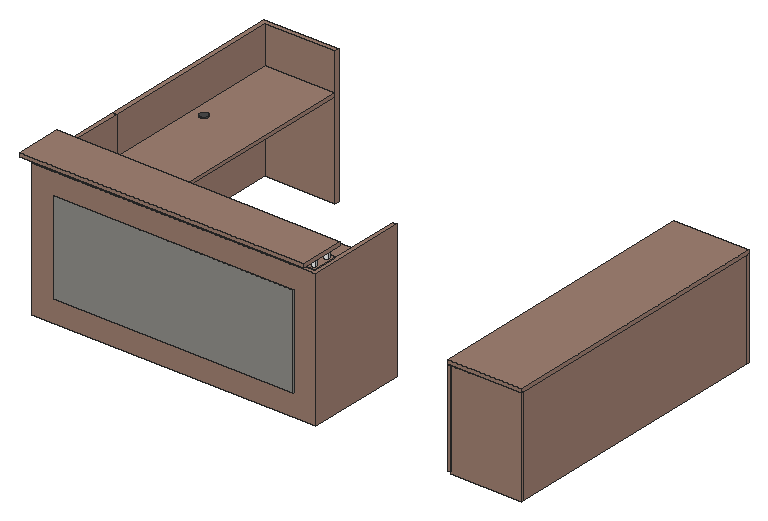
Revit family "T100017", category Furniture, Revit 2022
Family settings
  OmniClass Number = 23.40.20.00
  OmniClass Title = General Furniture and Specialties
  Work Plane-Based = No
  Always vertical = Yes
  Cut with Voids When Loaded = No
  Render Appearance Source = Family Geometry
  Shared = No
  Room Calculation Point = No
Parameters
  Default Elevation = 0' - 0"
Reference planes (in)
  plane 1 "Center Front/Back": y = 0
  plane 2: z = 0
  plane 3 "Center Left/Right": x = 0
Dimensions and locks (in)
  aligned and locked: level to plane 2
Nested families (in)
  nested 1: "OFS ELEMENT 4 DOOR CREDENZA" at (81.5, 18.16253, 0) x (0, -1, 0) z (0, 0, 1), type "ELEMENT 4 DOOR CREDENZA 84in Width"
  nested 2: "OFS ELEMENT L DESK LEFT AND RIGHT 84in Width 60in Return" at (-20, -13, 0) x (-1, 0, 0) z (0, 0, 1), type "ELEMENT L DESK RIGHT RETURN 84in"
    with Desk Overlay Option yes
Definition of nested family "OFS ELEMENT 4 DOOR CREDENZA"
  Parameters (values of type "ELEMENT 4 DOOR CREDENZA 84in Width")
    Worksurface Material = none
    Width = 7' - 0"
    URL = "http://ofsbrands.com"
    Top Thickness = 0' - 1 1/4"
    Lateral Boads Thickness = 0' - 0 5/8"
    Frontboard Thickness = 0' - 0 3/4"
    Frontboard Space = 0' - 0 1/4"
    Drawer Handles Material = none
    Drawer Handle Width = 0' - 5 7/16"
    Drawer Handle Depth = 0' - 1"
    Door Gap = 0' - 0 1/8"
    Depth = 1' - 10"
    Model = "EL-8422DCR"
    Manufacturer = "OFS"
    Height = 2' - 6"
    Description = "OFS BRANDS OFS ELEMENT 4 DOOR CREDENZA, 84\" Width, Four Locking Doors, Two Adjustable Shelf"
    Default Elevation = 0' - 0"
    Copyright © = "© OFS BRANDS 2018"
    Chasis Material = none
    Catalog = "http://ofs.com/products/casegoods/reception/element"
    Bottomboard Thickness = 0' - 0 15/16"
    Bottom Board Offset = 0' - 0 9/16"
    Backboard Thickness = 0' - 0 15/16"
    Authoring Version = "Autodesk Revit Architecture 2013"
    Assembly Code = "E2020200"
  Types (3): name | Width | Model | Description
    (no name) | 7' - 0" | "EL-8422DCR" | "OFS BRANDS OFS ELEMENT 4 DOOR CREDENZA, 84\" Width, Four Locking Doors, Two Adjustable Shelf"
    ELEMENT 4 DOOR CREDENZA 72in Width | 6' - 0" | "EL-7222DCR" | "OFS BRANDS OFS ELEMENT 4 DOOR CREDENZA, 72\" Width, Four Locking Doors, Two Adjustable Shelf"
    ELEMENT 4 DOOR CREDENZA 84in Width | 7' - 0" | "EL-8422DCR" | "OFS BRANDS OFS ELEMENT 4 DOOR CREDENZA, 84\" Width, Four Locking Doors, Two Adjustable Shelf"
  Reference planes (in)
    plane 1 "Center Front/Back": y = 0
    plane 2: z = 0
    plane 3 "Center Left/Right": x = 0
    plane 4 "Left End": x = -42
    plane 5 "Front End": y = -22
    plane 6 "Right End": x = 42
    plane 7 "Height Top": z = 30
    plane 8: z = 0.5625
    plane 9: y = -0.9375
    plane 10: y = -21.75
    plane 11: x = 41.375
    plane 12: x = -41.375
    plane 13: y = -21
    plane 14: z = 1.5
    plane 15: z = 28.75
    plane 16: x = -0.0625
    plane 17: x = 0.0625
    plane 18: x = 21
    plane 19: x = -21
    plane 20: y = -22.75
    plane 21: y = -22.31418
    plane 22: y = -22.5
    plane 23: z = 27.75
    plane 24: z = 27.25
    plane 25: x = 20.9375
    plane 26: x = 21.0625
    plane 27: x = 31.5
    plane 28: x = 10.5
    plane 29: x = 28.78125
    plane 30: x = 34.21875
    plane 31: x = 29.03125
    plane 32: x = 33.96875
    plane 33: x = 7.78125
    plane 34: x = 13.21875
    plane 35: x = 8.03125
    plane 36: x = 12.96875
    plane 37: x = -21.0625
    plane 38: x = -20.9375
    plane 39: x = -10.5
    plane 40: x = -31.5
    plane 41: x = -13.21875
    plane 42: x = -7.78125
    plane 43: x = -12.96875
    plane 44: x = -8.03125
    plane 45: x = -34.21875
    plane 46: x = -28.78125
    plane 47: x = -33.96875
    plane 48: x = -29.03125
  Forms (in)
    Extrusion 1, solid, material <- "Chasis Material"
      sketch origin (0, 0, 0) x (1, 0, 0) y (0, 1, 0)
        loop
          line (-41.375, 0) -> (-41.375, -0.9375) -> (41.375, -0.9375) -> (41.375, 0) -> (-41.375, 0)
      from 0 to 28.75
    Extrusion 2, solid, material <- "Chasis Material"
      sketch origin (-3.125, -5.41266, 0) x (1, 0, 0) y (0, 1, 0)
        loop
          line (-38.875, 5.41266) -> (-38.875, -15.58734) -> (-38.25, -15.58734) -> (-38.25, 5.41266) -> (-38.875, 5.41266)
      from 0 to 28.75
    Extrusion 3, solid, material <- "Chasis Material"
      sketch origin (37.875, -5.41266, 0) x (1, 0, 0) y (0, 1, 0)
        loop
          line (3.5, 5.41266) -> (3.5, -15.58734) -> (4.125, -15.58734) -> (4.125, 5.41266) -> (3.5, 5.41266)
      from 0 to 28.75
    Extrusion 4, solid, material <- "Chasis Material"
      sketch origin (-5.10739, -10.02382, 0) x (1, 0, 0) y (0, 1, 0)
        loop
          line (-36.89261, -10.97618) -> (-36.89261, -11.72618) -> (-15.95511, -11.72618) -> (-15.95511, -10.97618) -> (-36.89261, -10.97618)
      from 0.5625 to 28.75
    Extrusion 5, solid, material <- "Chasis Material"
      sketch origin (14.89261, -10.02382, 0) x (1, 0, 0) y (0, 1, 0)
        loop
          line (6.16989, -10.97618) -> (6.16989, -11.72618) -> (27.10739, -11.72618) -> (27.10739, -10.97618) -> (6.16989, -10.97618)
      from 0.5625 to 28.75
    Extrusion 6, solid, material <- "Chasis Material"
      sketch origin (0, 0, 0) x (1, 0, 0) y (0, 1, 0)
        loop
          line (-41.375, -0.9375) -> (-41.375, -21) -> (41.375, -21) -> (41.375, -0.9375) -> (-41.375, -0.9375)
      from 0.5625 to 1.5
    Extrusion 7, solid, material <- "Worksurface Material"
      sketch origin (0, 0, 0) x (1, 0, 0) y (0, 1, 0)
        loop
          line (-42, 0) -> (-42, -22) -> (42, -22) -> (42, 0) -> (-42, 0)
      from 28.75 to 30
    Extrusion 8, solid, material <- "Drawer Handles Material"
      sketch origin (45, 0, 0) x (1, 0, 0) y (0, 1, 0)
        loop
          line (-16.21875, -21.75) -> (-16.21875, -22.75) -> (-10.78125, -22.75) -> (-10.78125, -21.75) -> (-11.03125, -21.75) -> (-11.03125, -22.5) -> (-15.96875, -22.5) -> (-15.96875, -21.75) -> (-16.21875, -21.75)
      from 27.25 to 27.75
    Extrusion 9, solid, material <- "Drawer Handles Material"
      sketch origin (27, 0, 0) x (1, 0, 0) y (0, 1, 0)
        loop
          line (-19.21875, -21.75) -> (-19.21875, -22.75) -> (-13.78125, -22.75) -> (-13.78125, -21.75) -> (-14.03125, -21.75) -> (-14.03125, -22.5) -> (-18.96875, -22.5) -> (-18.96875, -21.75) -> (-19.21875, -21.75)
      from 27.25 to 27.75
    Extrusion 10, solid, material <- "Drawer Handles Material"
      sketch origin (9, 0, 0) x (1, 0, 0) y (0, 1, 0)
        loop
          line (-22.21875, -21.75) -> (-22.21875, -22.75) -> (-16.78125, -22.75) -> (-16.78125, -21.75) -> (-17.03125, -21.75) -> (-17.03125, -22.5) -> (-21.96875, -22.5) -> (-21.96875, -21.75) -> (-22.21875, -21.75)
      from 27.25 to 27.75
    Extrusion 11, solid, material <- "Drawer Handles Material"
      sketch origin (-9, 0, 0) x (1, 0, 0) y (0, 1, 0)
        loop
          line (-25.21875, -21.75) -> (-25.21875, -22.75) -> (-19.78125, -22.75) -> (-19.78125, -21.75) -> (-20.03125, -21.75) -> (-20.03125, -22.5) -> (-24.96875, -22.5) -> (-24.96875, -21.75) -> (-25.21875, -21.75)
      from 27.25 to 27.75
    Extrusion 12, solid, material <- "Chasis Material"
      sketch origin (21.10739, -10.02382, 0) x (-1, 0, 0) y (0, -1, 0)
        loop
          line (0.16989, 10.97618) -> (21.04489, 10.97618) -> (21.04489, 11.72618) -> (0.16989, 11.72618) -> (0.16989, 10.97618)
      from 0.5625 to 28.75
    Extrusion 13, solid, material <- "Chasis Material"
      sketch origin (-21.10739, -10.02382, 0) x (1, 0, 0) y (0, 1, 0)
        loop
          line (0.16989, -10.97618) -> (0.16989, -11.72618) -> (21.04489, -11.72618) -> (21.04489, -10.97618) -> (0.16989, -10.97618)
      from 0.5625 to 28.75
    Blend 14, solid, material <- "Drawer Handles Material"
      base sketch origin (-30, 0, 0) x (1, 0, 0) y (0, 0, 1)
        loop
          circle (51.8743, 26.01563) r 0.31101
      top sketch origin (-30, 0, 0) x (1, 0, 0) y (0, 0, 1)
        loop
          circle (51.8743, 26.01563) r 0.25
      from 21.75 to 22
    Blend 15, solid, material <- "Drawer Handles Material"
      base sketch origin (-75, 0, 0) x (1, 0, 0) y (0, 0, 1)
        loop
          circle (54.8743, 26.01562) r 0.31101
      top sketch origin (-75, 0, 0) x (1, 0, 0) y (0, 0, 1)
        loop
          circle (54.8743, 26.01562) r 0.25
      from 21.75 to 22
  Dimensions and locks (in)
    "Height": plane 7 "Height Top" to level
    "Bottom Board Offset": plane 8 to level
    "Depth": plane 5 "Front End" to plane 1 "Center Front/Back"
    equal spacing: plane 4 "Left End", plane 3 "Center Left/Right", plane 6 "Right End"
    "Width": plane 4 "Left End" to plane 6 "Right End"
    "Backboard Thickness": plane 9 to plane 1 "Center Front/Back"
    "Frontboard Space": plane 10 to plane 5 "Front End"
    "Lateral Boads Thickness": plane 4 "Left End" to plane 12
    "Lateral Boads Thickness": plane 11 to plane 6 "Right End"
    "Frontboard Thickness": plane 13 to plane 10
    "Bottomboard Thickness": plane 14 to plane 8
    "Top Thickness": plane 7 "Height Top" to plane 15
    equal spacing: plane 16, plane 3 "Center Left/Right", plane 17
    "Door Gap": plane 16 to plane 17
    equal spacing: plane 3 "Center Left/Right", plane 18, plane 6 "Right End"
    equal spacing: plane 3 "Center Left/Right", plane 19, plane 4 "Left End"
    "Drawer Handle Depth": plane 10 to plane 20
    locked: plane 15 to plane 23 at 1
    locked: plane 23 to plane 24 at 0.5
    equal spacing: plane 25, plane 18, plane 26
    "Door Gap": plane 25 to plane 26
    equal spacing: plane 18, plane 27, plane 6 "Right End"
    equal spacing: plane 3 "Center Left/Right", plane 28, plane 18
    equal spacing: plane 29, plane 27, plane 30
    "Drawer Handle Width": plane 29 to plane 30
    locked: plane 29 to plane 31 at 0.25
    locked: plane 30 to plane 32 at 0.25
    equal spacing: plane 33, plane 28, plane 34
    "Drawer Handle Width": plane 33 to plane 34
    locked: plane 33 to plane 35 at 0.25
    locked: plane 34 to plane 36 at 0.25
    equal spacing: plane 37, plane 19, plane 38
    "Door Gap": plane 37 to plane 38
    equal spacing: plane 19, plane 39, plane 3 "Center Left/Right"
    equal spacing: plane 4 "Left End", plane 40, plane 19
    equal spacing: plane 41, plane 39, plane 42
    "Drawer Handle Width": plane 41 to plane 42
    locked: plane 41 to plane 43 at 0.25
    locked: plane 42 to plane 44 at 0.25
    equal spacing: plane 45, plane 40, plane 46
    "Drawer Handle Width": plane 45 to plane 46
    locked: plane 45 to plane 47 at 0.25
    locked: plane 46 to plane 48 at 0.25
    aligned and locked: level to plane 2
    aligned and locked: plane 1 "Center Front/Back" to Extrusion 1 sketch curve
    aligned and locked: Extrusion 1 sketch curve to plane 9
    aligned and locked: Extrusion 2 to plane 4 "Left End"
    aligned and locked: Extrusion 2 to plane 12
    aligned and locked: Extrusion 2 to plane 1 "Center Front/Back"
    aligned and locked: Extrusion 1 to plane 11
    aligned and locked: Extrusion 2 to plane 13
    aligned and locked: Extrusion 3 to plane 1 "Center Front/Back"
    aligned and locked: plane 13 to Extrusion 3
    aligned and locked: plane 11 to Extrusion 3
    aligned and locked: Extrusion 3 to plane 6 "Right End"
    aligned and locked: Extrusion 4 to plane 10
    aligned and locked: plane 13 to Extrusion 4
    aligned and locked: Extrusion 4 to plane 4 "Left End"
    aligned and locked: Extrusion 5 to plane 13
    aligned and locked: plane 10 to Extrusion 5
    aligned and locked: Extrusion 5 to plane 6 "Right End"
    aligned and locked: plane 15 to Extrusion 4
    aligned and locked: Extrusion 5 to plane 15
    aligned and locked: Extrusion 1 to plane 15
    aligned and locked: plane 15 to Extrusion 2
    aligned and locked: Extrusion 3 to plane 15
    aligned and locked: Extrusion 4 to plane 8
    aligned and locked: plane 8 to Extrusion 5
    aligned and locked: Extrusion 1 to level
    aligned and locked: Extrusion 3 to level
    aligned and locked: Extrusion 2 to level
    aligned and locked: Extrusion 6 sketch curve to plane 9
    aligned and locked: Extrusion 6 sketch curve to plane 12
    aligned and locked: plane 11 to Extrusion 6 sketch curve
    aligned and locked: Extrusion 6 sketch curve to plane 13
    aligned and locked: plane 4 "Left End" to Extrusion 7 sketch curve
    aligned and locked: plane 6 "Right End" to Extrusion 7 sketch curve
    aligned and locked: plane 1 "Center Front/Back" to Extrusion 7 sketch curve
    aligned and locked: Extrusion 7 sketch curve to plane 5 "Front End"
    aligned and locked: Extrusion 7 to plane 7 "Height Top"
    aligned and locked: Extrusion 7 to plane 15
    aligned and locked: Extrusion 6 to plane 8
    aligned and locked: Extrusion 6 to plane 14
    aligned and locked: Extrusion 8 sketch curve to plane 29
    aligned and locked: Extrusion 8 sketch curve to plane 30
    aligned and locked: plane 32 to Extrusion 8 sketch curve
    aligned and locked: Extrusion 9 sketch curve to plane 33
    aligned and locked: Extrusion 9 sketch curve to plane 34
    aligned and locked: plane 36 to Extrusion 9 sketch curve
    aligned and locked: Extrusion 10 sketch curve to plane 41
    aligned and locked: Extrusion 10 sketch curve to plane 42
    aligned and locked: plane 44 to Extrusion 10 sketch curve
    aligned and locked: Extrusion 11 sketch curve to plane 45
    aligned and locked: Extrusion 11 sketch curve to plane 46
    aligned and locked: plane 48 to Extrusion 11 sketch curve
    aligned and locked: Extrusion 4 to plane 37
    aligned and locked: Extrusion 5 to plane 26
    aligned and locked: Extrusion 12 to plane 25
    aligned and locked: Extrusion 12 to plane 17
    aligned and locked: Extrusion 13 to plane 16
    aligned and locked: Extrusion 13 to plane 38
  Automatic sketch dimensions
    Extrusion 1 sketch curve to plane 12 = 0' - 0"
    Extrusion 1 sketch curve to plane 11 = 0' - 0"
    Extrusion 2 sketch curve to plane 4 "Left End" = 0' - 0"
    Extrusion 2 sketch curve to plane 12 = 0' - 0"
    Extrusion 2 sketch curve to plane 13 = 0' - 0"
    plane 1 "Center Front/Back" to Extrusion 2 sketch curve = 0' - 0"
    Extrusion 3 sketch curve to plane 11 = 0' - 0"
    Extrusion 3 sketch curve to plane 6 "Right End" = 0' - 0"
    plane 13 to Extrusion 3 sketch curve = 0' - 0"
    plane 1 "Center Front/Back" to Extrusion 3 sketch curve = 0' - 0"
    Extrusion 4 sketch curve to plane 4 "Left End" = 0' - 0"
    Extrusion 4 sketch curve to plane 10 = 0' - 0"
    Extrusion 4 sketch curve to plane 37 = 0' - 0"
    Extrusion 4 sketch curve to plane 13 = 0' - 0"
    plane 10 to Extrusion 5 sketch curve = 0' - 0"
    Extrusion 5 sketch curve to plane 26 = 0' - 0"
    Extrusion 5 sketch curve to plane 6 "Right End" = 0' - 0"
    plane 13 to Extrusion 5 sketch curve = 0' - 0"
    plane 10 to Extrusion 8 sketch curve = 0' - 0"  (x2)
    Extrusion 8 sketch curve to plane 31 = 0' - 0"
    plane 20 to Extrusion 8 sketch curve = 0' - 0"
    plane 22 to Extrusion 8 sketch curve = 0' - 0"
    Extrusion 9 sketch curve to plane 10 = 0' - 0"  (x2)
    Extrusion 9 sketch curve to plane 35 = 0' - 0"
    Extrusion 9 sketch curve to plane 20 = 0' - 0"
    plane 22 to Extrusion 9 sketch curve = 0' - 0"
    Extrusion 10 sketch curve to plane 10 = 0' - 0"  (x2)
    Extrusion 10 sketch curve to plane 43 = 0' - 0"
    Extrusion 10 sketch curve to plane 20 = 0' - 0"
    Extrusion 10 sketch curve to plane 22 = 0' - 0"
    Extrusion 11 sketch curve to plane 10 = 0' - 0"  (x2)
    Extrusion 11 sketch curve to plane 47 = 0' - 0"
    Extrusion 11 sketch curve to plane 20 = 0' - 0"
    Extrusion 11 sketch curve to plane 22 = 0' - 0"
    plane 10 to Extrusion 12 sketch curve = 0' - 0"
    Extrusion 12 sketch curve to plane 25 = 0' - 0"
    Extrusion 12 sketch curve to plane 17 = 0' - 0"
    plane 13 to Extrusion 12 sketch curve = 0' - 0"
    Extrusion 13 sketch curve to plane 10 = 0' - 0"
    Extrusion 13 sketch curve to plane 38 = 0' - 0"
    Extrusion 13 sketch curve to plane 16 = 0' - 0"
    Extrusion 13 sketch curve to plane 13 = 0' - 0"
    plane 26 to Blend 14 sketch curve = 0' - 0.8118"  (x2)
    Blend 14 sketch curve to plane 24 = 0' - 1 15/64"  (x2)
    plane 38 to Blend 15 sketch curve = 0' - 0.8118"  (x2)
    Blend 15 sketch curve to plane 24 = 0' - 1 15/64"  (x2)
    radius of Blend 14 sketch curve = 0' - 0.31101"
    radius of Blend 14 sketch curve = 0' - 0 1/4"
    radius of Blend 15 sketch curve = 0' - 0.31101"
    radius of Blend 15 sketch curve = 0' - 0 1/4"
Definition of nested family "OFS ELEMENT L DESK LEFT AND RIGHT 84in Width 60in Return"
  Parameters (values of type "ELEMENT L DESK RIGHT RETURN 84in")
    Worksurface Material = none
    Width = 7' - 0"
    URL = "http://www.ofsbrands.com/"
    Transaction Shelf Material = none
    Table Supp from Lateral = 0' - 2 5/8"
    Table Supp from Center = 1' - 1 1/8"
    Table Depth = 1' - 1 1/2"
    Right Return Desk Option = yes
    Return Worksurface Width = 1' - 10"
    Model = "EL-T84RL60"
    Manufacturer = "OFS"
    Left Return Desk Option = no
    Lateral Board Thickness = 0' - 1 3/16"
    Height = 3' - 9"
    Standoffs Material = none
    Groomet Material = none
    Desk Overlay Thickness = 0' - 0 1/8"
    Desk Overlay Option [instance] = yes
    Desk Overlay Material = none
    Desk Overlay = 0' - 6 1/2"
    Description = "OFS BRANDS OFS ELEMENT L DESK RIGHT RETURN 84\" Width, 72\"W x 34.3125\"D DESK, 60\"W x 22\"D RETURN"
    Desk Depth = 2' - 10 5/16"
    Depth = 7' - 6 5/16"
    Default Elevation = 0' - 0"
    Copyright © = "© 2018 OFS BRANDS"
    Catalog = "http://ofs.com/products/casegoods/reception/element"
    Bottom Board Offset = 0' - 0"
    Chassis Material = none
    Base Depth = 2' - 6"
    Back Board Thickness = 0' - 1 3/16"
    Authoring Version = "Autodesk Revit Architecture 2013"
    Assembly Code = "E2020200"
  Types (3): name | Right Return Desk Option | Model | Left Return Desk Option | Description | Depth
    (no name) | yes | "EL-T84RL60" | no | "OFS BRANDS OFS ELEMENT L DESK RIGHT RETURN 84\" Width, 72\"W x 34.3125\"D DESK, 60\"W x 22\"D RETURN" | 7' - 6 5/16"
    ELEMENT L DESK RIGHT RETURN 84in | yes | "EL-T84RL60" | no | "OFS BRANDS OFS ELEMENT L DESK RIGHT RETURN 84\" Width, 72\"W x 34.3125\"D DESK, 60\"W x 22\"D RETURN" | 7' - 6 5/16"
    ELEMENT L DESK LEFT RETURN 84in | no | "EL-T84LL60" | yes | "OFS BRANDS OFS ELEMENT L DESK LEFT RETURN 84\" Width, 72\"W x 34.3125\"D DESK, 60\"W x 22\"D RETURN" | 7' - 10 5/16"
  Reference planes (in)
    plane 1 "Center Front/Back": y = 0
    plane 2: z = 0
    plane 3 "Center Left/Right": x = 0
    plane 4 "Back External": y = 17.15625
    plane 5 "Right External": x = 42
    plane 6 "Front External": y = -17.15625
    plane 7 "Left External": x = -42
    plane 8 "Seat Height": z = 29.5
    plane 9 "Height": z = 45
    plane 10: x = 40.8125
    plane 11: x = -40.8125
    plane 12: y = 12.84375
    plane 13: y = 11.65625
    plane 14: y = 3.65625
    plane 15: z = 40.5
    plane 16: z = 28.5
    plane 17: z = 43.875
    plane 18: z = 39.375
    plane 19: z = 0
    plane 20: x = -39.375
    plane 21: x = -13.125
    plane 22: x = 39.375
    plane 23: x = 13.125
    plane 24: x = 35.5
    plane 25: x = -35.5
    plane 26: z = 6.5
    plane 27: z = 34
    plane 28: y = 12.96875
    plane 29: y = -73.15625
    plane 30: x = -20
    plane 31: x = 20
    plane 32: y = -71.96875
    plane 33: x = -37
    plane 34: x = 37
    plane 35: y = -44.5625
  Forms (in)
    Extrusion 1, solid, material <- "Worksurface Material"
      sketch origin (0, 0, 0) x (1, 0, 0) y (0, 1, 0)
        loop
          line (-40.8125, 11.65625) -> (-40.8125, -17.15625) -> (40.8125, -17.15625) -> (40.8125, 11.65625) -> (-40.8125, 11.65625)
      from 28.5 to 29.5
    Extrusion 2, solid, material <- "Chassis Material"
      sketch origin (0, 0, 0) x (1, 0, 0) y (0, 1, 0)
        loop
          line (-42, -17.15625) -> (-40.8125, -17.15625) -> (-40.8125, 11.65625) -> (40.8125, 11.65625) -> (40.8125, -17.15625) -> (42, -17.15625) -> (42, 12.84375) -> (-42, 12.84375) -> (-42, -17.15625)
      from 0 to 40.5
    Extrusion 3, solid, material <- "Chassis Material"
      sketch origin (0, 0, 6) x (1, 0, 0) y (0, 1, 0)
        loop
          line (-40.8125, 11.65625) -> (-40.8125, 3.65625) -> (40.8125, 3.65625) -> (40.8125, 11.65625) -> (-40.8125, 11.65625)
      from 33.375 to 34.5
    Extrusion 4, solid, material <- "Transaction Shelf Material"
      sketch origin (0, 0, 6) x (1, 0, 0) y (0, 1, 0)
        loop
          line (-42, 17.15625) -> (-42, 3.65625) -> (42, 3.65625) -> (42, 17.15625) -> (-42, 17.15625)
      from 37.875 to 39
    Extrusion 5, solid, material <- "Standoffs Material"
      sketch origin (0, 0, 0) x (1, 0, 0) y (0, 1, 0)
        loop
          circle (-39.375, 10.04085) r 0.625
      from 40.5 to 43.875
    Extrusion 6, solid, material <- "Standoffs Material"
      sketch origin (0, -4.75, 0) x (1, 0, 0) y (0, 1, 0)
        loop
          circle (-39.375, 10.04085) r 0.625
      from 40.5 to 43.875
    Extrusion 7, solid, material <- "Standoffs Material"
      sketch origin (22.25, 0, 0) x (1, 0, 0) y (0, 1, 0)
        loop
          circle (-35.375, 10.04085) r 0.625
      from 40.5 to 43.875
    Extrusion 8, solid, material <- "Standoffs Material"
      sketch origin (22.25, -4.75, 0) x (1, 0, 0) y (0, 1, 0)
        loop
          circle (-35.375, 10.04085) r 0.625
      from 40.5 to 43.875
    Extrusion 9, solid, material <- "Standoffs Material"
      sketch origin (44.5, 0, 0) x (1, 0, 0) y (0, 1, 0)
        loop
          circle (-31.375, 10.04085) r 0.625
      from 40.5 to 43.875
    Extrusion 10, solid, material <- "Standoffs Material"
      sketch origin (44.5, -4.75, 0) x (1, 0, 0) y (0, 1, 0)
        loop
          circle (-31.375, 10.04085) r 0.625
      from 40.5 to 43.875
    Extrusion 11, solid, material <- "Standoffs Material"
      sketch origin (66.75, 0, 0) x (1, 0, 0) y (0, 1, 0)
        loop
          circle (-27.375, 10.04085) r 0.625
      from 40.5 to 43.875
    Extrusion 12, solid, material <- "Standoffs Material"
      sketch origin (66.75, -4.75, 0) x (1, 0, 0) y (0, 1, 0)
        loop
          circle (-27.375, 10.04085) r 0.625
      from 40.5 to 43.875
    Extrusion 13, solid, material <- "Desk Overlay Material", visible <- "Desk Overlay Option"
      sketch origin (0, 0, 0) x (1, 0, 0) y (0, 0, 1)
        loop
          line (35.5, 34) -> (-35.5, 34) -> (-35.5, 6.5) -> (35.5, 6.5) -> (35.5, 34)
      from -12.96875 to -12.84375
    Extrusion 14, solid, material <- "Chassis Material", visible <- "Left Return Desk Option"
      sketch origin (0, 0, 0) x (1, 0, 0) y (0, 1, 0)
        loop
          line (-42, -17.15625) -> (-42, -73.15625) -> (-20, -73.15625) -> (-20, -71.96875) -> (-40.8125, -71.96875) -> (-40.8125, -17.15625) -> (-42, -17.15625)
      from 0 to 40.5
    Extrusion 15, solid, material <- "Worksurface Material", visible <- "Left Return Desk Option"
      sketch origin (14.83926, -32.43958, 0) x (1, 0, 0) y (0, 1, 0)
        loop
          line (-55.65176, 15.28333) -> (-55.65176, -39.52917) -> (-34.83926, -39.52917) -> (-34.83926, 15.28333) -> (-55.65176, 15.28333)
      from 28.5 to 29.5
    Extrusion 16, solid, material <- "Chassis Material", visible <- "Right Return Desk Option"
      sketch origin (0, 0, 0) x (-1, 0, 0) y (0, -1, 0)
        loop
          line (-42, 17.15625) -> (-40.8125, 17.15625) -> (-40.8125, 71.96875) -> (-20, 71.96875) -> (-20, 73.15625) -> (-42, 73.15625) -> (-42, 17.15625)
      from 0 to 40.5
    Extrusion 17, solid, material <- "Worksurface Material", visible <- "Right Return Desk Option"
      sketch origin (-14.83926, -32.43958, 0) x (-1, 0, 0) y (0, -1, 0)
        loop
          line (-55.65176, -15.28333) -> (-34.83926, -15.28333) -> (-34.83926, 39.52917) -> (-55.65176, 39.52917) -> (-55.65176, -15.28333)
      from 28.5 to 29.5
    Extrusion 18, solid, material <- "Groomet Material", visible <- "Left Return Desk Option"
      sketch origin (0, 0, 0) x (1, 0, 0) y (0, 1, 0)
        loop
          circle (-37, -44.5625) r 1.25
      from 28.5 to 29.625
    Extrusion 19, solid, material <- "Groomet Material", visible <- "Right Return Desk Option"
      sketch origin (0, 0, 0) x (-1, 0, 0) y (0, -1, 0)
        loop
          circle (-37, 44.5625) r 1.25
      from 28.5 to 29.625
  Dimensions and locks (in)
    equal spacing: plane 7 "Left External", plane 3 "Center Left/Right", plane 5 "Right External"
    "Width": plane 7 "Left External" to plane 5 "Right External"
    equal spacing: plane 6 "Front External", plane 1 "Center Front/Back", plane 4 "Back External"
    "Desk Depth": plane 4 "Back External" to plane 6 "Front External"
    plane 8 "Seat Height" to level = 2' - 5 1/2"
    "Height": plane 9 "Height" to level
    "Lateral Board Thickness": plane 7 "Left External" to plane 11
    "Lateral Board Thickness": plane 10 to plane 5 "Right External"
    "Base Depth": plane 12 to plane 6 "Front External"
    "Back Board Thickness": plane 12 to plane 13
    "Table Depth": plane 4 "Back External" to plane 14
    plane 15 to level = 3' - 4 1/2"
    "Bottom Board Offset": plane 19 to level
    "Table Supp from Lateral": plane 7 "Left External" to plane 20
    "Table Supp from Center": plane 21 to plane 3 "Center Left/Right"
    "Table Supp from Lateral": plane 5 "Right External" to plane 22
    "Table Supp from Center": plane 23 to plane 3 "Center Left/Right"
    "Desk Overlay": plane 5 "Right External" to plane 24
    "Desk Overlay": plane 25 to plane 7 "Left External"
    plane 25 to plane 24 = 5' - 11"
    "Desk Overlay": plane 27 to plane 15
    "Desk Overlay": plane 19 to plane 26
    "Desk Overlay Thickness": plane 28 to plane 12
    "Depth": plane 4 "Back External" to plane 29
    "Return Worksurface Width": plane 7 "Left External" to plane 30
    "Return Worksurface Width": plane 31 to plane 5 "Right External"
    "Back Board Thickness": plane 32 to plane 29
    plane 7 "Left External" to plane 33 = 0' - 5"
    plane 34 to plane 5 "Right External" = 0' - 5"
    equal spacing: plane 6 "Front External", plane 35, plane 32
    aligned and locked: level to plane 2
    aligned and locked: Extrusion 1 sketch curve to plane 13
    aligned and locked: Extrusion 1 sketch curve to plane 11
    aligned and locked: Extrusion 1 sketch curve to plane 6 "Front External"
    aligned and locked: Extrusion 1 sketch curve to plane 10
    aligned and locked: plane 7 "Left External" to Extrusion 2 sketch curve
    aligned and locked: Extrusion 2 sketch curve to Extrusion 1  (x3)
    aligned and locked: Extrusion 2 sketch curve to plane 12
    aligned and locked: plane 5 "Right External" to Extrusion 2 sketch curve
    aligned and locked: Extrusion 1 to Extrusion 2 sketch curve
    aligned and locked: Extrusion 2 sketch curve to plane 13
    aligned and locked: Extrusion 2 to plane 19
    aligned and locked: Extrusion 1 to plane 16
    aligned and locked: Extrusion 1 to plane 8 "Seat Height"
    aligned and locked: Extrusion 3 to plane 18
    aligned and locked: plane 11 to Extrusion 3
    aligned and locked: plane 10 to Extrusion 3
    aligned and locked: Extrusion 3 to plane 13
    aligned and locked: Extrusion 3 to plane 14
    aligned and locked: Extrusion 4 to plane 14
    aligned and locked: Extrusion 4 to plane 4 "Back External"
    aligned and locked: Extrusion 4 to plane 9 "Height"
    aligned and locked: Extrusion 4 to plane 17
    aligned and locked: plane 5 "Right External" to Extrusion 4
    aligned and locked: Extrusion 4 to plane 7 "Left External"
    aligned and locked: Extrusion 13 sketch curve to plane 27
    aligned and locked: Extrusion 13 sketch curve to plane 24
    aligned and locked: Extrusion 13 sketch curve to plane 26
    aligned and locked: Extrusion 13 sketch curve to plane 25
    aligned and locked: Extrusion 13 to plane 12
    aligned and locked: Extrusion 13 to plane 28
    aligned and locked: Extrusion 14 sketch curve to plane 32
    aligned and locked: plane 30 to Extrusion 14 sketch curve
    aligned and locked: plane 29 to Extrusion 14 sketch curve
    aligned and locked: Extrusion 14 sketch curve to plane 6 "Front External"
    aligned and locked: plane 11 to Extrusion 15
    aligned and locked: plane 6 "Front External" to Extrusion 15
    aligned and locked: Extrusion 15 to plane 30
    aligned and locked: Extrusion 15 to plane 32
    aligned and locked: Extrusion 17 to plane 6 "Front External"
    aligned and locked: Extrusion 17 to plane 31
    aligned and locked: plane 10 to Extrusion 17
    aligned and locked: Extrusion 17 to plane 32
    aligned and locked: Extrusion 16 to plane 6 "Front External"
    aligned and locked: Extrusion 16 to plane 10
    aligned and locked: Extrusion 16 to plane 5 "Right External"
    aligned and locked: plane 32 to Extrusion 16
    aligned and locked: Extrusion 16 to plane 29
    aligned and locked: Extrusion 14 to plane 19
    aligned and locked: Extrusion 16 to plane 19
    aligned and locked: Extrusion 16 to plane 15
    aligned and locked: plane 15 to Extrusion 14
  Automatic sketch dimensions
    Extrusion 3 sketch curve to plane 11 = 0' - 0"
    Extrusion 3 sketch curve to plane 10 = 0' - 0"
    Extrusion 3 sketch curve to plane 14 = 0' - 0"
    Extrusion 3 sketch curve to plane 13 = 0' - 0"
    Extrusion 4 sketch curve to plane 7 "Left External" = 0' - 0"
    Extrusion 4 sketch curve to plane 5 "Right External" = 0' - 0"
    Extrusion 4 sketch curve to plane 14 = 0' - 0"
    Extrusion 4 sketch curve to plane 4 "Back External" = 0' - 0"
    Extrusion 5 sketch curve to plane 20 = 0' - 0"
    Extrusion 5 sketch curve to plane 13 = 0' - 1.6154"
    Extrusion 6 sketch curve to plane 20 = 0' - 0"
    plane 14 to Extrusion 6 sketch curve = 0' - 1.6346"
    Extrusion 7 sketch curve to plane 21 = 0' - 0"
    Extrusion 7 sketch curve to plane 13 = 0' - 1.6154"
    Extrusion 8 sketch curve to plane 21 = 0' - 0"
    plane 14 to Extrusion 8 sketch curve = 0' - 1.6346"
    Extrusion 9 sketch curve to plane 23 = 0' - 0"
    Extrusion 9 sketch curve to plane 13 = 0' - 1.6154"
    Extrusion 10 sketch curve to plane 23 = 0' - 0"
    plane 14 to Extrusion 10 sketch curve = 0' - 1.6346"
    Extrusion 11 sketch curve to plane 22 = 0' - 0"
    Extrusion 11 sketch curve to plane 13 = 0' - 1.6154"
    Extrusion 12 sketch curve to plane 22 = 0' - 0"
    plane 14 to Extrusion 12 sketch curve = 0' - 1.6346"
    Extrusion 14 sketch curve to plane 7 "Left External" = 0' - 0"
    Extrusion 14 sketch curve to plane 11 = 0' - 0"
    Extrusion 15 sketch curve to plane 11 = 0' - 0"
    Extrusion 15 sketch curve to plane 30 = 0' - 0"
    Extrusion 15 sketch curve to plane 32 = 0' - 0"
    Extrusion 15 sketch curve to plane 6 "Front External" = 0' - 0"
    Extrusion 16 sketch curve to plane 5 "Right External" = 0' - 0"
    Extrusion 16 sketch curve to plane 10 = 0' - 0"
    Extrusion 16 sketch curve to plane 31 = 0' - 0"
    Extrusion 16 sketch curve to plane 29 = 0' - 0"
    Extrusion 16 sketch curve to plane 32 = 0' - 0"
    plane 6 "Front External" to Extrusion 16 sketch curve = 0' - 0"
    Extrusion 17 sketch curve to plane 10 = 0' - 0"
    Extrusion 17 sketch curve to plane 31 = 0' - 0"
    Extrusion 17 sketch curve to plane 32 = 0' - 0"
    plane 6 "Front External" to Extrusion 17 sketch curve = 0' - 0"
    Extrusion 18 sketch curve to plane 33 = 0' - 0"
    Extrusion 18 sketch curve to plane 35 = 0' - 0"
    Extrusion 19 sketch curve to plane 34 = 0' - 0"
    Extrusion 19 sketch curve to plane 35 = 0' - 0"
    radius of Extrusion 5 sketch curve = 0' - 0 5/8"
    radius of Extrusion 6 sketch curve = 0' - 0 5/8"
    radius of Extrusion 7 sketch curve = 0' - 0 5/8"
    radius of Extrusion 8 sketch curve = 0' - 0 5/8"
    radius of Extrusion 9 sketch curve = 0' - 0 5/8"
    radius of Extrusion 10 sketch curve = 0' - 0 5/8"
    radius of Extrusion 11 sketch curve = 0' - 0 5/8"
    radius of Extrusion 12 sketch curve = 0' - 0 5/8"
    radius of Extrusion 18 sketch curve = 0' - 1 1/4"
    radius of Extrusion 19 sketch curve = 0' - 1 1/4"
